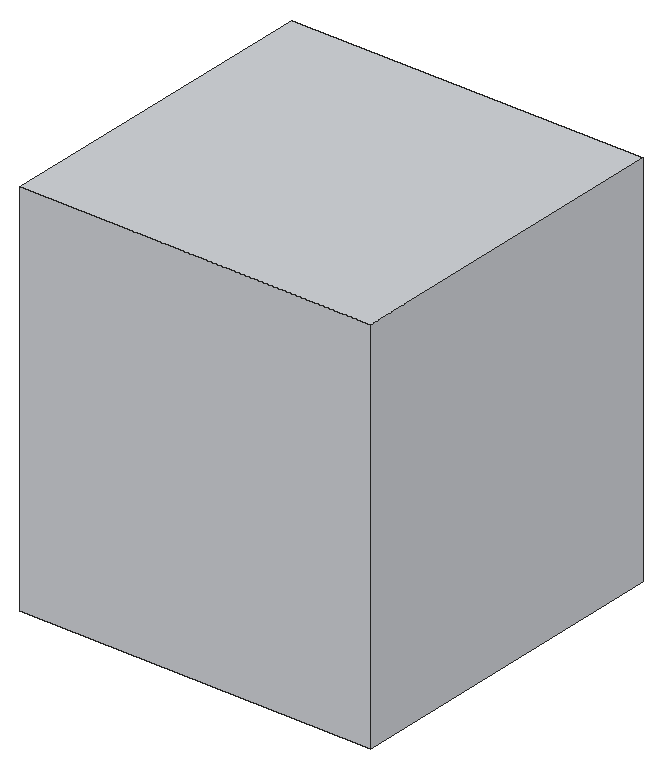
Revit family
Parameters
  Warranty Duration (Years) = 0
  Unit Width [instance] = 4' - 0"
  Unit Height [instance] = 0' - 0"
  Unit Depth = 0' - 0"
  URL = "http://www.americanspecialties.com/viewCategories.cfm"
  Trim Material = Metal - Stainless Steel
  Test Data = ""
  Specification = "http://www.arcat.com/sdspecs/htm/10810asi.htm"
  SpecWizard = ""
  Send Message = "http://www.arcat.com/users.pl?action=UserEmail&company=American%20Specialties,%20Inc.&coid=30448&rep=139&fax=914-476-0688&mf="
  Sales Information = "http://www.americanspecialties.com/contact"
  Revision = "R1_10-2010"
  Product Properties = "http://www.americanspecialties.com/datasheets/8095.pdf"
  Product Data = "http://www.arcat.com/arcatcos/cos30/arc30448.html"
  Model = "As Specified in 10 28 13"
  Manufacturer Website = "http://www.americanspecialties.com/viewCategories.cfm"
  Manufacturer Phone - Toll Free = ""
  Manufacturer Phone = "914-476-9000 "
  Manufacturer Fax = "914-476-0688"
  Manufacturer Address = "441 Saw Mill River Rd., Yonkers, NY 10701"
  Manufacturer = "American Specialties, Inc."
  Maintenance Schedule (Months) = 0
  Keynote = "10 28 13"
  Installation-Fabrication = "http://www.americanspecialties.com/products.cfm"
  Green Building-LEED = ""
  Expected Lifespan (Years) = 0
  Drawn By = "Robert S. Weygant. CSI, CDT, SCIP"  # constant formula
  Description = "Toilet Accessory as Specified in 10 28 13"
  Default Elevation = 4' - 0"
  Copyright = "©Arcat Inc."
  Construction Details = "http://www.arcat.com/green/clients/leed_data_30448.html"
  Building Codes = "http://www.americanspecialties.com/products.cfm"
  Body Material = Metal - Stainless Steel
  Assembly Code = "C1030210"
Reference planes (in)
  plane 1 "Center (Front/Back)": y = -0.29112
  plane 2 "Floor Line": z = 0
  plane 3 "Center (Left/Right)": x = -0.65843
Forms (in)
  Extrusion 1, solid
    sketch origin (-3, -9, -6) x (0, 0, -1) y (1, 0, 0)
      loop
        line (-82, 45.34157) -> (-82, -24.80417) -> (-6, -24.80417) -> (-6, 45.34157) -> (-82, 45.34157)
    from 25.29112 to -42.72698
  Extrusion 2, solid, material "Metal - Stainless Steel" <- "Body Material"
    sketch origin (0, 0, 0) x (1, 0, 0) y (0, 1, 0)
      loop
        line (-5.40843, -0.29112) -> (4.09157, -0.29112) -> (4.09157, 1.20888)
        arc (4.09157, 1.20888) -> (3.8719, 1.73921) -> (3.34157, 1.95888) r 0.75
        line (3.34157, 1.95888) -> (-4.65843, 1.95888)
        arc (-4.65843, 1.95888) -> (-5.18876, 1.73921) -> (-5.40843, 1.20888) r 0.75
        line (-5.40843, 1.20888) -> (-5.40843, -0.29112)
    from 0 to 1
  Extrusion 3, solid, material "Metal - Stainless Steel" <- "Body Material"
    sketch origin (0, -0.29112, 0) x (1, 0, 0) y (0, 0, 1)
      loop
        line (-5.40843, 0) -> (4.09157, 0) -> (4.09157, 6.125)
        arc (4.09157, 6.125) -> (-0.65843, 9.625) -> (-5.40843, 6.125) r 4.97321
        line (-5.40843, 6.125) -> (-5.40843, 0)
    from 0 to 1.04601
  Extrusion 4, void
    sketch origin (0, -0.29112, 0) x (1, 0, 0) y (0, 0, 1)
      loop
        circle (-0.65843, 5.3125) r 3.25
    from 0 to 1.04601
  Extrusion 5, solid, material "Metal - Stainless Steel" <- "Body Material"
    sketch origin (0, -0.29112, 0) x (1, 0, 0) y (0, 0, 1)
      loop
        circle (-0.65843, 5.3125) r 3.25
      loop
        circle (-0.65843, 5.3125) r 3.75
    from 0 to -0.20374
  Revolve 6, solid, material "Metal - Stainless Steel" <- "Body Material"
    sketch origin (0, 0, 5.3125) x (1, 0, 0) y (0, 1, 0)
      loop
        line (2.59157, -0.29112) -> (2.52907, -0.29112) -> (2.52907, -5.07533)
        arc (2.52907, -5.07533) -> (1.2649, -6.63985) -> (-0.65843, -7.22862) r 3.43587
        line (-0.65843, -7.22862) -> (-0.65843, -7.29112)
        arc (-0.65843, -7.29112) -> (1.30492, -6.68823) -> (2.59157, -5.08738) r 3.49837
        line (2.59157, -5.08738) -> (2.59157, -0.29112)
      axis (-0.65843, -7.29112) -> (-0.65843, -0.29112)
    angle from 0 to 360
  Extrusion 7, void
    sketch origin (0, 0, 0) x (1, 0, 0) y (0, 1, 0)
      loop
        circle (-4.09593, 1.08388) r 0.25
      loop
        circle (2.77907, 1.08388) r 0.25
    from 0 to 1
Cuts and joins
  Extrusion 4 cuts Extrusion 3
  Extrusion 7 cuts Extrusion 2
Dimensions and locks (in)
  aligned and locked: Extrusion 1 to level
  aligned and locked: Extrusion 3 to Extrusion 4
  aligned and locked: Extrusion 4 to plane 1 "Center (Front/Back)"
  aligned and locked: Extrusion 2 to Extrusion 7
